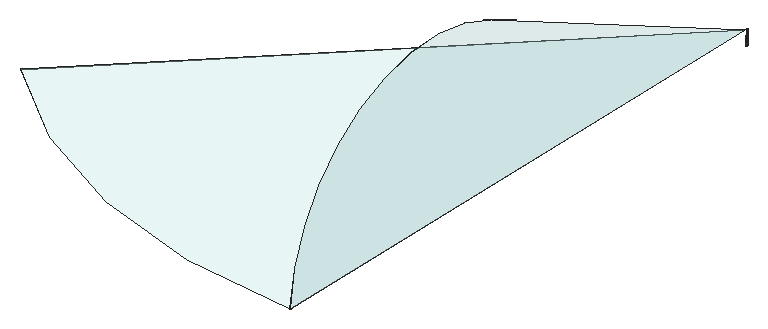
Revit family "Rotor 5000 Series - 5006+PCSAM", category Acessórios do tubo, Revit 2020
Family settings
  Cota do conector redondo = Utilizar diâmetro
  Tipo de parte = Normal
  Número OmniClass = 23.60.30.11.14
  Título OmniClass = Pipework Fittings
  Com base no plano de trabalho = Não
  Sempre na vertical = Sim
  Corte com vazios quando carregada = Não
  Compartilhado = Não
Parameters (values of type "Rain Curtain 6.0")
  Water = Water
  URL = "https://www.rainbird.com/"
  TABLE 65 = "TABLE 65psi"
  TABLE 55 75 = "TABLE 55 75psi"
  TABLE 55 = "TABLE 55psi"
  TABLE 45 = "TABLE 45psi"
  TABLE 35 = "TABLE 35psi"
  TABLE 25 = "TABLE 25psi"
  SupportProjetos: Reviw Date = ""  # constant formula
  SupportProjetos: Reviw = "R00"  # constant formula
  SupportProjetos: Level of Detail = "LOD 300"  # constant formula
  SupportProjetos: Developed = "MICHEL SOARES MOTA"  # constant formula
  SupportProjetos: Creation Date = "07/08/2020"  # constant formula
  Side inlet = no
  Rotation Water Visibility [instance] = Pop up on  # yes
  Rotation Angle [instance] = 45.00°
  RainBird: Product Link = "https://www.rainbird.com/"
  RainBird: Description = "5006+PC-SAM Rotor "  # constant formula
  RainBird: Comment [instance] = ""
  RainBird: Code = "Y45850"  # constant formula
  Radius [instance] = if(and(Pressure = 25.0 psi, Instance < 25 ft), size_lookup(TABLE 25, "Radius", 0 ft, Instance), if(and(Pressure = 35.0 psi, Instance < 25 ft), size_lookup(TABLE 35, "Radius", 0 ft, Instance), if(and(Pressure = 45.0 psi, Instance < 25 ft), size_lookup(TABLE 45, "Radius", 0 ft, Instance), if(and(Pressure = 55.0 psi, Instance < 13 ft), size_lookup(TABLE 55, "Radius", 0 ft, Instance), if(and(Pressure = 65.0 psi, Instance < 13 ft), size_lookup(TABLE 65, "Radius", 0 ft, Instance), if(and(Pressure > 55.0 psi, Instance > 13 ft), size_lookup(TABLE 55 75, "Radius", 0 ft, Instance), 0 ft))))))  # 50 ft
  RT = 0.009893 ft
  RN = 0.032808 ft
  R5 = 0.03937 ft
  R4 = 0.04101 ft
  R3 = 0.065617 ft
  R2 = 0.075407 ft
  R1 = 0.032808 ft
  Pressure [instance] = 55.0 psi
  Pop up height = 0.499 ft  # constant formula
  Pop up on [instance] = yes
  Modelo = "5006+PCSAM"  # constant formula
  Instance = 7 ft
  H1 = Body height / 3  # 0.268 ft
  Flow [instance] = if(and(Pressure = 25.0 psi, Instance < 25 ft), size_lookup(TABLE 25, "Flow", 0.0 GPM, Instance), if(and(Pressure = 35.0 psi, Instance < 25 ft), size_lookup(TABLE 35, "Flow", 0.0 GPM, Instance), if(and(Pressure = 45.0 psi, Instance < 25 ft), size_lookup(TABLE 45, "Flow", 0.0 GPM, Instance), if(and(Pressure = 55.0 psi, Instance < 13 ft), size_lookup(TABLE 55, "Flow", 0.0 GPM, Instance), if(and(Pressure = 65.0 psi, Instance < 13 ft), size_lookup(TABLE 65, "Flow", 0.0 GPM, Instance), if(and(Pressure > 55.0 psi, Instance > 13 ft), size_lookup(TABLE 55 75, "Flow", 0.0 GPM, Instance), 0.0 GPM))))))  # 6.63 GPM
  Fabricante = "Rain Bird"
  Elevação padrão = 0 ft
  Description = RainBird: Description  # "5006+PC-SAM Rotor "
  DD13 = 0.002625 ft
  DD12 = 0.003937 ft
  DD11 = 0.009897 ft
  DD10 = 0.016404 ft
  DD8 [instance] = if(Pop up on, Pop up height, 0 ft)  # 0.499 ft
  DD7 = 0.019685 ft
  DD6 [instance] = 0.016404 ft
  DD5 = 0.065617 ft
  DD4 = 0.032808 ft
  DD3 = 0.091048 ft
  DD2 [instance] = 0.024514 ft
  DD9 [instance] = if(Pop up on, Pop up height + 0.049541 ft, 0 ft)  # 0.548541 ft
  DD1 = 0.006562 ft
  Conection = 0.062664 ft  # constant formula
  Body height = 0.804 ft  # constant formula
  Blue = Blue Plastic
  Black Plastic = Black Plastic
  Angle = 25.00°
Types (25, lengths in ft): name | Rotation Angle | Radius | Pressure | Instance | Flow
  (no name) | 45.00° | 50 | 55.0 psi | 7 | 6.63 GPM
  Rain Curtain 1.5 | 180.00° | 33 | 25.0 psi | 1 | 1.12 GPM
  Rain Curtain 2.0 | 180.00° | 35 | 25.0 psi | 2 | 1.5 GPM
  Rain Curtain 3.0 | 180.00° | 36 | 25.0 psi | 4 | 2.26 GPM
  Rain Curtain 4.0 | 180.00° | 36 | 25.0 psi | 5 | 2.91 GPM
  Rain Curtain 5.0 | 180.00° | 37 | 25.0 psi | 6 | 3.72 GPM
  Rain Curtain 6.0 | 45.00° | 50 | 55.0 psi | 7 | 6.63 GPM
  Rain Curtain 8.0 | 180.00° | 33 | 25.0 psi | 8 | 5.9 GPM
  Rain Curtain 2.5 | 180.00° | 35 | 25.0 psi | 3 | 1.81 GPM
  1.0 LA | 180.00° | 25 | 25.0 psi | 9 | 0.76 GPM
  1.5 LA | 180.00° | 27 | 25.0 psi | 10 | 1.15 GPM
  2.0 LA | 180.00° | 29 | 25.0 psi | 11 | 1.47 GPM
  3.0 LA | 180.00° | 29 | 25.0 psi | 12 | 2.23 GPM
  PRS Rain Curtain 1.5 | 180.00° | 33 | 25.0 psi | 13 | 1.12 GPM
  PRS Rain Curtain 2.0 | 180.00° | 35 | 25.0 psi | 14 | 1.5 GPM
  PRS Rain Curtain 2.5 | 180.00° | 35 | 25.0 psi | 15 | 1.81 GPM
  PRS Rain Curtain 3.0 | 180.00° | 36 | 25.0 psi | 16 | 2.26 GPM
  PRS Rain Curtain 4.0 | 180.00° | 36 | 25.0 psi | 17 | 2.91 GPM
  PRS Rain Curtain 5.0 | 180.00° | 37 | 25.0 psi | 18 | 3.72 GPM
  PRS Rain Curtain 6.0 | 180.00° | 37 | 25.0 psi | 19 | 4.25 GPM
  PRS Rain Curtain 8.0 | 180.00° | 33 | 25.0 psi | 20 | 5.9 GPM
  PRS 1.0 LA | 180.00° | 25 | 25.0 psi | 21 | 0.76 GPM
  PRS 1.5 LA | 180.00° | 27 | 25.0 psi | 22 | 1.15 GPM
  PRS 2.0 LA | 180.00° | 29 | 25.0 psi | 23 | 1.47 GPM
  PRS 3.0 LA | 180.00° | 29 | 25.0 psi | 24 | 2.23 GPM
Reference planes (ft)
  plane 1 "Centro (Frente/Trás)": y = 0
  plane 2: z = 0
  plane 3 "Centro (Esquerda/Direita)": x = 0
  plane 4: z = 0.003937
  plane 5: z = 0.002625
  plane 6: y = -0.065617
Forms (ft)
  Revolve 1, solid, material "Black Plastic" <- "Black Plastic"
    sketch origin (0, 0, 0) x (1, 0, 0) y (0, 0, 1)
      loop
        line (0.075407, -0.091048) -> (0.075407, -0.035324)
        arc (0.075407, -0.035324) -> (0.072509, -0.028329) -> (0.065514, -0.025431) r 0.009893
        line (0.065514, -0.025431) -> (0.046098, -0.025431) -> (0.046098, 0) -> (0.03937, 0) -> (0.03937, -0.499) -> (0.019685, -0.499) -> (0.019685, -0.797438) -> (0.032808, -0.797438) -> (0.032808, -0.804) -> (0.04101, -0.804) -> (0.04101, -0.797438) -> (0.055724, -0.797438)
        arc (0.055724, -0.797438) -> (0.062719, -0.794541) -> (0.065617, -0.787545) r 0.009893
        line (0.065617, -0.787545) -> (0.065617, -0.091048) -> (0.075407, -0.091048)
      axis (0, -0.804) -> (0, 0)
    angle from 0 to 360
  Extrusion 2, solid, material "Black Plastic" <- "Black Plastic"
    sketch origin (0, 0, 0) x (1, 0, 0) y (0, 1, 0)
      loop
        circle (0, 0) r 0.032808
    from -0.499 to 0.499
  Extrusion 3, void
    sketch origin (0, 0, 0) x (1, 0, 0) y (0, 1, 0)
      loop
        circle (0, 0) r 0.022844
    from -0.499 to 0.499
  Revolve 4, solid, material "Black Plastic" <- "Black Plastic"
    sketch origin (0, 0, 0) x (1, 0, 0) y (0, 0, 1)
      loop
        line (0, 0.499) -> (0.037004, 0.499) -> (0.037004, 0.508897)
        arc (0.037004, 0.508897) -> (0.01879, 0.51379) -> (0, 0.515404) r 0.10685
        line (0, 0.515404) -> (0, 0.499)
      axis (0, 0.499) -> (0, 0.515404)
    angle from 0 to 360
  Extrusion 5, solid, material "Blue Plastic" <- "Blue"
    sketch origin (0, 0, 0) x (1, 0, 0) y (0, 0, 1)
      loop
        circle (0, 0.474486) r 0.009129
      loop
        circle (0, 0.474486) r 0.004793
    from 0 to 0.034386
  Extrusion 6, void
    sketch origin (0, 0, 0) x (1, 0, 0) y (0, 0, 1)
      loop
        line (-0.02074, 0.328055) -> (-0.02074, 0.282426) -> (0.020672, 0.282426) -> (0.020672, 0.328055) -> (-0.02074, 0.328055)
      loop
        line (-0.018439, 0.325179) -> (-0.018439, 0.285685) -> (0.018179, 0.285685) -> (0.018179, 0.325179) -> (-0.018439, 0.325179)
    from 0.024556 to 0.06931
  Extrusion 7, solid, material "Black Plastic" <- "Black Plastic"
    sketch origin (0, 0, 0) x (1, 0, 0) y (0, 0, 1)
      loop
        line (0.046098, 0) -> (0.046098, -0.036876) -> (0.073493, -0.036876) -> (0.046098, 0)
    from -0.002998 to 0.002998
  Extrusion 8, solid, material "Black Plastic" <- "Black Plastic"
    sketch origin (0, 0, 0) x (-1, 0, 0) y (0, 0, -1)
      loop
        line (0.046098, 0) -> (0.073493, 0.036876) -> (0.046098, 0.036876) -> (0.046098, 0)
    from -0.002998 to 0.002998
  Extrusion 9, solid, material "Black Plastic" <- "Black Plastic"
    sketch origin (0, 0, 0) x (0.866025, 0.5, 0) y (0, 0, 1)
      loop
        line (0.046098, 0) -> (0.046098, -0.036876) -> (0.073493, -0.036876) -> (0.046098, 0)
    from -0.002998 to 0.002998
  Extrusion 10, solid, material "Black Plastic" <- "Black Plastic"
    sketch origin (0, 0, 0) x (-0.866025, -0.5, 0) y (0, 0, -1)
      loop
        line (0.046098, 0) -> (0.073493, 0.036876) -> (0.046098, 0.036876) -> (0.046098, 0)
    from -0.002998 to 0.002998
  Extrusion 11, solid, material "Black Plastic" <- "Black Plastic"
    sketch origin (0, 0, 0) x (0, 1, 0) y (0, 0, 1)
      loop
        line (0.046098, 0) -> (0.046098, -0.036876) -> (0.073493, -0.036876) -> (0.046098, 0)
    from -0.002998 to 0.002998
  Extrusion 12, solid, material "Black Plastic" <- "Black Plastic"
    sketch origin (0, 0, 0) x (0, -1, 0) y (0, 0, -1)
      loop
        line (0.046098, 0) -> (0.073493, 0.036876) -> (0.046098, 0.036876) -> (0.046098, 0)
    from -0.002998 to 0.002998
  Extrusion 13, solid, material "Black Plastic" <- "Black Plastic"
    sketch origin (0, 0, 0) x (0.5, 0.866025, 0) y (0, 0, 1)
      loop
        line (0.046098, 0) -> (0.046098, -0.036876) -> (0.073493, -0.036876) -> (0.046098, 0)
    from -0.002998 to 0.002998
  Extrusion 14, solid, material "Black Plastic" <- "Black Plastic"
    sketch origin (0, 0, 0) x (-0.5, -0.866025, 0) y (0, 0, -1)
      loop
        line (0.046098, 0) -> (0.073493, 0.036876) -> (0.046098, 0.036876) -> (0.046098, 0)
    from -0.002998 to 0.002998
  Extrusion 15, solid, material "Black Plastic" <- "Black Plastic"
    sketch origin (0, 0, 0) x (-0.5, 0.866025, 0) y (0, 0, 1)
      loop
        line (0.046098, 0) -> (0.046098, -0.036876) -> (0.073493, -0.036876) -> (0.046098, 0)
    from -0.002998 to 0.002998
  Extrusion 16, solid, material "Black Plastic" <- "Black Plastic"
    sketch origin (0, 0, 0) x (0.5, -0.866025, 0) y (0, 0, -1)
      loop
        line (0.046098, 0) -> (0.073493, 0.036876) -> (0.046098, 0.036876) -> (0.046098, 0)
    from -0.002998 to 0.002998
  Extrusion 17, solid, material "Black Plastic" <- "Black Plastic"
    sketch origin (0, 0, 0) x (-0.866025, 0.5, 0) y (0, 0, 1)
      loop
        line (0.046098, 0) -> (0.046098, -0.036876) -> (0.073493, -0.036876) -> (0.046098, 0)
    from -0.002998 to 0.002998
  Extrusion 18, solid, material "Black Plastic" <- "Black Plastic"
    sketch origin (0, 0, 0) x (0.866025, -0.5, 0) y (0, 0, -1)
      loop
        line (0.046098, 0) -> (0.073493, 0.036876) -> (0.046098, 0.036876) -> (0.046098, 0)
    from -0.002998 to 0.002998
  Extrusion 19, void
    sketch origin (0, 0, 0) x (1, 0, 0) y (0, 1, 0)
      loop
        line (-0.002998, 0.077702) -> (-0.002998, 0.071655) -> (0.002998, 0.071655) -> (0.002998, 0.077702) -> (-0.002998, 0.077702)
    from -0.091048 to 0.82021
  Extrusion 20, void
    sketch origin (0, 0, 0) x (1, 0, 0) y (0, 1, 0)
      loop
        line (0.002998, -0.077702) -> (0.002998, -0.071655) -> (-0.002998, -0.071655) -> (-0.002998, -0.077702) -> (0.002998, -0.077702)
    from -0.091048 to 0.82021
  Extrusion 21, void
    sketch origin (0, 0, 0) x (0.965926, 0.258819, 0) y (-0.258819, 0.965926, 0)
      loop
        line (-0.002998, 0.077702) -> (-0.002998, 0.071655) -> (0.002998, 0.071655) -> (0.002998, 0.077702) -> (-0.002998, 0.077702)
    from -0.091048 to 0.82021
  Extrusion 22, void
    sketch origin (0, 0, 0) x (0.965926, 0.258819, 0) y (-0.258819, 0.965926, 0)
      loop
        line (0.002998, -0.077702) -> (0.002998, -0.071655) -> (-0.002998, -0.071655) -> (-0.002998, -0.077702) -> (0.002998, -0.077702)
    from -0.091048 to 0.82021
  Extrusion 23, void
    sketch origin (0, 0, 0) x (0.866025, 0.5, 0) y (-0.5, 0.866025, 0)
      loop
        line (-0.002998, 0.077702) -> (-0.002998, 0.071655) -> (0.002998, 0.071655) -> (0.002998, 0.077702) -> (-0.002998, 0.077702)
    from -0.091048 to 0.82021
  Extrusion 24, void
    sketch origin (0, 0, 0) x (0.866025, 0.5, 0) y (-0.5, 0.866025, 0)
      loop
        line (0.002998, -0.077702) -> (0.002998, -0.071655) -> (-0.002998, -0.071655) -> (-0.002998, -0.077702) -> (0.002998, -0.077702)
    from -0.091048 to 0.82021
  Extrusion 25, void
    sketch origin (0, 0, 0) x (0.5, 0.866025, 0) y (-0.866025, 0.5, 0)
      loop
        line (-0.002998, 0.077702) -> (-0.002998, 0.071655) -> (0.002998, 0.071655) -> (0.002998, 0.077702) -> (-0.002998, 0.077702)
    from -0.091048 to 0.82021
  Extrusion 26, void
    sketch origin (0, 0, 0) x (0.5, 0.866025, 0) y (-0.866025, 0.5, 0)
      loop
        line (0.002998, -0.077702) -> (0.002998, -0.071655) -> (-0.002998, -0.071655) -> (-0.002998, -0.077702) -> (0.002998, -0.077702)
    from -0.091048 to 0.82021
  Extrusion 27, void
    sketch origin (0, 0, 0) x (0.707107, 0.707107, 0) y (-0.707107, 0.707107, 0)
      loop
        line (-0.002998, 0.077702) -> (-0.002998, 0.071655) -> (0.002998, 0.071655) -> (0.002998, 0.077702) -> (-0.002998, 0.077702)
    from -0.091048 to 0.82021
  Extrusion 28, void
    sketch origin (0, 0, 0) x (0.707107, 0.707107, 0) y (-0.707107, 0.707107, 0)
      loop
        line (0.002998, -0.077702) -> (0.002998, -0.071655) -> (-0.002998, -0.071655) -> (-0.002998, -0.077702) -> (0.002998, -0.077702)
    from -0.091048 to 0.82021
  Extrusion 29, void
    sketch origin (0, 0, 0) x (0.258819, 0.965926, 0) y (-0.965926, 0.258819, 0)
      loop
        line (-0.002998, 0.077702) -> (-0.002998, 0.071655) -> (0.002998, 0.071655) -> (0.002998, 0.077702) -> (-0.002998, 0.077702)
    from -0.091048 to 0.82021
  Extrusion 30, void
    sketch origin (0, 0, 0) x (0.258819, 0.965926, 0) y (-0.965926, 0.258819, 0)
      loop
        line (0.002998, -0.077702) -> (0.002998, -0.071655) -> (-0.002998, -0.071655) -> (-0.002998, -0.077702) -> (0.002998, -0.077702)
    from -0.091048 to 0.82021
  Extrusion 31, void
    sketch origin (0, 0, 0) x (0, 1, 0) y (-1, 0, 0)
      loop
        line (-0.002998, 0.077702) -> (-0.002998, 0.071655) -> (0.002998, 0.071655) -> (0.002998, 0.077702) -> (-0.002998, 0.077702)
    from -0.091048 to 0.82021
  Extrusion 32, void
    sketch origin (0, 0, 0) x (0, 1, 0) y (-1, 0, 0)
      loop
        line (0.002998, -0.077702) -> (0.002998, -0.071655) -> (-0.002998, -0.071655) -> (-0.002998, -0.077702) -> (0.002998, -0.077702)
    from -0.091048 to 0.82021
  Extrusion 33, void
    sketch origin (0, 0, 0) x (-0.258819, 0.965926, 0) y (-0.965926, -0.258819, 0)
      loop
        line (-0.002998, 0.077702) -> (-0.002998, 0.071655) -> (0.002998, 0.071655) -> (0.002998, 0.077702) -> (-0.002998, 0.077702)
    from -0.091048 to 0.82021
  Extrusion 34, void
    sketch origin (0, 0, 0) x (-0.258819, 0.965926, 0) y (-0.965926, -0.258819, 0)
      loop
        line (0.002998, -0.077702) -> (0.002998, -0.071655) -> (-0.002998, -0.071655) -> (-0.002998, -0.077702) -> (0.002998, -0.077702)
    from -0.091048 to 0.82021
  Extrusion 35, void
    sketch origin (0, 0, 0) x (-0.5, 0.866025, 0) y (-0.866025, -0.5, 0)
      loop
        line (-0.002998, 0.077702) -> (-0.002998, 0.071655) -> (0.002998, 0.071655) -> (0.002998, 0.077702) -> (-0.002998, 0.077702)
    from -0.091048 to 0.82021
  Extrusion 36, void
    sketch origin (0, 0, 0) x (-0.5, 0.866025, 0) y (-0.866025, -0.5, 0)
      loop
        line (0.002998, -0.077702) -> (0.002998, -0.071655) -> (-0.002998, -0.071655) -> (-0.002998, -0.077702) -> (0.002998, -0.077702)
    from -0.091048 to 0.82021
  Extrusion 37, void
    sketch origin (0, 0, 0) x (-0.707107, 0.707107, 0) y (-0.707107, -0.707107, 0)
      loop
        line (-0.002998, 0.077702) -> (-0.002998, 0.071655) -> (0.002998, 0.071655) -> (0.002998, 0.077702) -> (-0.002998, 0.077702)
    from -0.091048 to 0.82021
  Extrusion 38, void
    sketch origin (0, 0, 0) x (-0.707107, 0.707107, 0) y (-0.707107, -0.707107, 0)
      loop
        line (0.002998, -0.077702) -> (0.002998, -0.071655) -> (-0.002998, -0.071655) -> (-0.002998, -0.077702) -> (0.002998, -0.077702)
    from -0.091048 to 0.82021
  Extrusion 39, void
    sketch origin (0, 0, 0) x (-0.866025, 0.5, 0) y (-0.5, -0.866025, 0)
      loop
        line (-0.002998, 0.077702) -> (-0.002998, 0.071655) -> (0.002998, 0.071655) -> (0.002998, 0.077702) -> (-0.002998, 0.077702)
    from -0.091048 to 0.82021
  Extrusion 40, void
    sketch origin (0, 0, 0) x (-0.866025, 0.5, 0) y (-0.5, -0.866025, 0)
      loop
        line (0.002998, -0.077702) -> (0.002998, -0.071655) -> (-0.002998, -0.071655) -> (-0.002998, -0.077702) -> (0.002998, -0.077702)
    from -0.091048 to 0.82021
  Extrusion 41, void
    sketch origin (0, 0, 0) x (-0.965926, 0.258819, 0) y (-0.258819, -0.965926, 0)
      loop
        line (-0.002998, 0.077702) -> (-0.002998, 0.071655) -> (0.002998, 0.071655) -> (0.002998, 0.077702) -> (-0.002998, 0.077702)
    from -0.091048 to 0.82021
  Extrusion 42, void
    sketch origin (0, 0, 0) x (-0.965926, 0.258819, 0) y (-0.258819, -0.965926, 0)
      loop
        line (0.002998, -0.077702) -> (0.002998, -0.071655) -> (-0.002998, -0.071655) -> (-0.002998, -0.077702) -> (0.002998, -0.077702)
    from -0.091048 to 0.82021
  Extrusion 43, solid, material "Water" <- "Water", visible <- "Rotation Water Visibility"
    sketch origin (0, 0, 0) x (0, 1, 0) y (0, 0, 1)
      loop
        line (-0.032808, 0.474486) -> (-27.969074, 13.50138)
        arc (-27.969074, 13.50138) -> (-42.432078, 12.799272) -> (-50.032808, 0.474486) r 15.534311
        line (-50.032808, 0.474486) -> (-0.032808, 0.474486)
    from -0.008202 to 0.008202
Cuts and joins
  Extrusion 3, Extrusion 6 cuts Extrusion 2
  Extrusion 19, Extrusion 20, Extrusion 21, Extrusion 22, Extrusion 23, Extrusion 24, Extrusion 25, Extrusion 26, Extrusion 27, Extrusion 28, Extrusion 29, Extrusion 30, Extrusion 31, Extrusion 32, Extrusion 33, Extrusion 34, Extrusion 35, Extrusion 36, Extrusion 37, Extrusion 38, Extrusion 39, Extrusion 40, Extrusion 41, Extrusion 42 cuts Revolve 1
Dimensions and locks (ft)
  "Body height": level to Revolve 1 sketch curve
  "R2": Revolve 1 sketch curve to plane 3 "Centro (Esquerda/Direita)"
  "DD1": Revolve 1 sketch curve to Revolve 1 sketch curve
  "DD3": level to Revolve 1 sketch curve
  Revolve 1 sketch curve to plane 3 "Centro (Esquerda/Direita)" = 0.065617 ft
  "R4": Revolve 1 sketch curve to plane 3 "Centro (Esquerda/Direita)"
  "RN": Revolve 1 sketch curve to plane 3 "Centro (Esquerda/Direita)"
  "Pop up height": level to Revolve 1 sketch curve
  "R5": plane 3 "Centro (Esquerda/Direita)" to Revolve 1 sketch curve
  "DD7": Revolve 1 sketch curve to plane 3 "Centro (Esquerda/Direita)"
  "DD8": Extrusion 2 to level
  "DD12": plane 4 to level
  "DD13": plane 5 to level
  "R3": plane 6 to plane 1 "Centro (Frente/Trás)"
  "DD5": Revolve 1 sketch curve to Revolve 1 sketch curve
  "DD10": Revolve 4 sketch curve to Revolve 4 sketch curve
  "DD11": Revolve 4 sketch curve to Revolve 4 sketch curve
  "DD2": Revolve 4 to Extrusion 5 sketch curve  (x2)
  Extrusion 7 to plane 3 "Centro (Esquerda/Direita)" = 0.046098 ft
  equal spacing: Extrusion 7, plane 1 "Centro (Frente/Trás)", Extrusion 7
  Extrusion 8 to Extrusion 8 = 0.005995 ft
  Extrusion 9 to Extrusion 9 = 0.005995 ft
  Extrusion 20 sketch curve to Extrusion 20 sketch curve = 0.005995 ft
  Extrusion 22 sketch curve to Extrusion 22 sketch curve = 0.005995 ft
  Extrusion 24 sketch curve to Extrusion 24 sketch curve = 0.005995 ft
  Extrusion 26 sketch curve to Extrusion 26 sketch curve = 0.005995 ft
  Extrusion 28 sketch curve to Extrusion 28 sketch curve = 0.005995 ft
  Extrusion 30 sketch curve to Extrusion 30 sketch curve = 0.005995 ft
  Extrusion 32 sketch curve to Extrusion 32 sketch curve = 0.005995 ft
  Extrusion 34 sketch curve to Extrusion 34 sketch curve = 0.005995 ft
  Extrusion 36 sketch curve to Extrusion 36 sketch curve = 0.005995 ft
  Extrusion 38 sketch curve to Extrusion 38 sketch curve = 0.005995 ft
  Extrusion 40 sketch curve to Extrusion 40 sketch curve = 0.005995 ft
  Extrusion 42 sketch curve to Extrusion 42 sketch curve = 0.005995 ft
  "DD4": plane 1 "Centro (Frente/Trás)" to Extrusion 43 sketch curve
  "DD2": Revolve 4 to Extrusion 43 sketch curve
  "Radius": Extrusion 43 sketch curve to Extrusion 43 sketch curve
  equal spacing: Extrusion 43, plane 3 "Centro (Esquerda/Direita)", Extrusion 43
  "DD6": Extrusion 43 to Extrusion 43
  "DD2": Revolve 4 to nested 1
  "RT": radius of Revolve 1 sketch curve  (x2)
  "R1": radius of Extrusion 2 sketch curve
  "Angle": angle Extrusion 43 sketch curve to Extrusion 43 sketch curve
  aligned and locked: level to plane 2
  aligned and locked: Revolve 1 sketch curve to Revolve 1 sketch curve
  aligned and locked: Extrusion 2 to Revolve 1
  aligned and locked: cut or joined group of Extrusion 2, Extrusion 3, Extrusion 6 to cut or joined group of Extrusion 2, Extrusion 3, Extrusion 6  (x2)
  aligned and locked: Revolve 4 sketch curve to cut or joined group of Extrusion 2, Extrusion 3, Extrusion 6
  aligned and locked: Extrusion 20 to Revolve 1
  aligned and locked: Extrusion 22 to Revolve 1
  aligned and locked: Extrusion 24 to Revolve 1
  aligned and locked: Extrusion 28 to Revolve 1
  aligned and locked: Extrusion 26 to Revolve 1
  aligned and locked: Extrusion 30 to Revolve 1
  aligned and locked: Extrusion 32 to Revolve 1
  aligned and locked: Extrusion 34 to Revolve 1
  aligned and locked: Revolve 1 to Extrusion 36
  aligned and locked: Revolve 1 to Extrusion 38
  aligned and locked: Extrusion 41 to Revolve 1
  aligned and locked: Extrusion 39 to Revolve 1
  aligned and locked: Extrusion 37 to Revolve 1
  aligned and locked: Extrusion 35 to Revolve 1
  aligned and locked: Extrusion 33 to Revolve 1
  aligned and locked: Extrusion 31 to Revolve 1
  aligned and locked: Extrusion 29 to Revolve 1
  aligned and locked: Revolve 1 to Extrusion 25
  aligned and locked: Revolve 1 to Extrusion 27
  aligned and locked: Revolve 1 to Extrusion 19
  aligned and locked: Revolve 1 to Extrusion 21
  aligned and locked: Revolve 1 to Extrusion 42
  aligned and locked: Revolve 1 to Extrusion 40
  aligned and locked: Revolve 1 to Extrusion 23
Automatic sketch dimensions
  plane 1 "Centro (Frente/Trás)" to Extrusion 2 sketch curve = 0 ft
  Extrusion 2 sketch curve to plane 3 "Centro (Esquerda/Direita)" = 0 ft
  plane 1 "Centro (Frente/Trás)" to Extrusion 3 sketch curve = 0 ft
  Extrusion 3 sketch curve to plane 3 "Centro (Esquerda/Direita)" = 0 ft
  Revolve 4 sketch curve to plane 3 "Centro (Esquerda/Direita)" = 0 ft  (x2)
  plane 3 "Centro (Esquerda/Direita)" to Revolve 4 sketch curve = 0.000284 ft
  plane 3 "Centro (Esquerda/Direita)" to Revolve 4 sketch curve = 0.037004 ft
  Revolve 4 sketch curve to Revolve 4 sketch curve = 0.015719 ft
  Revolve 4 sketch curve to Revolve 4 sketch curve = 0.114829 ft
  Extrusion 5 sketch curve to Extrusion 5 sketch curve = 0 ft
  Extrusion 5 sketch curve to plane 3 "Centro (Esquerda/Direita)" = 0 ft
  Extrusion 6 sketch curve to plane 3 "Centro (Esquerda/Direita)" = 0.02074 ft
  Extrusion 6 sketch curve to Extrusion 6 sketch curve = 0.002301 ft
  plane 3 "Centro (Esquerda/Direita)" to Extrusion 6 sketch curve = 0.018179 ft
  Extrusion 6 sketch curve to Extrusion 6 sketch curve = 0.002492 ft
  plane 4 to Extrusion 6 sketch curve = 0.278489 ft
  Extrusion 6 sketch curve to Extrusion 6 sketch curve = 0.003259 ft
  Extrusion 6 sketch curve to Extrusion 6 sketch curve = 0.039494 ft
  Extrusion 6 sketch curve to Extrusion 6 sketch curve = 0.002876 ft
  Extrusion 7 sketch curve to level = 0 ft
  plane 3 "Centro (Esquerda/Direita)" to Extrusion 7 sketch curve = 0.046098 ft
  Extrusion 7 sketch curve to Extrusion 7 sketch curve = 0.027396 ft
  Extrusion 7 sketch curve to Extrusion 7 sketch curve = 0.036876 ft
  Extrusion 8 sketch curve to level = 0 ft
  plane 3 "Centro (Esquerda/Direita)" to Extrusion 8 sketch curve = 0.046098 ft
  Extrusion 8 sketch curve to Extrusion 8 sketch curve = 0.027396 ft
  Extrusion 8 sketch curve to Extrusion 8 sketch curve = 0.036876 ft
  Extrusion 9 sketch curve to level = 0 ft
  Extrusion 9 sketch curve to level = 0.036876 ft
  Extrusion 9 sketch curve to Extrusion 9 sketch curve = 0.027396 ft
  Extrusion 10 sketch curve to level = 0 ft
  Extrusion 10 sketch curve to level = 0.036876 ft
  Extrusion 10 sketch curve to Extrusion 10 sketch curve = 0.027396 ft
  Extrusion 11 sketch curve to level = 0 ft
  Extrusion 11 sketch curve to plane 1 "Centro (Frente/Trás)" = 0.046098 ft
  Extrusion 11 sketch curve to Extrusion 11 sketch curve = 0.027396 ft
  Extrusion 11 sketch curve to Extrusion 11 sketch curve = 0.036876 ft
  Extrusion 12 sketch curve to level = 0 ft
  plane 6 to Extrusion 12 sketch curve = 0.019519 ft
  Extrusion 12 sketch curve to plane 6 = 0.007877 ft
  Extrusion 12 sketch curve to level = 0.036876 ft
  Extrusion 13 sketch curve to level = 0 ft
  Extrusion 13 sketch curve to level = 0.036876 ft
  Extrusion 13 sketch curve to Extrusion 13 sketch curve = 0.027396 ft
  Extrusion 14 sketch curve to level = 0 ft
  Extrusion 14 sketch curve to level = 0.036876 ft
  Extrusion 14 sketch curve to Extrusion 14 sketch curve = 0.027396 ft
  level to Extrusion 15 sketch curve = 0 ft
  Extrusion 15 sketch curve to level = 0.036876 ft
  Extrusion 15 sketch curve to Extrusion 15 sketch curve = 0.027396 ft
  level to Extrusion 16 sketch curve = 0 ft
  Extrusion 16 sketch curve to level = 0.036876 ft
  Extrusion 16 sketch curve to Extrusion 16 sketch curve = 0.027396 ft
  level to Extrusion 17 sketch curve = 0 ft
  Extrusion 17 sketch curve to level = 0.036876 ft
  Extrusion 17 sketch curve to Extrusion 17 sketch curve = 0.027396 ft
  level to Extrusion 18 sketch curve = 0 ft
  Extrusion 18 sketch curve to level = 0.036876 ft
  Extrusion 18 sketch curve to Extrusion 18 sketch curve = 0.027396 ft
  Extrusion 19 sketch curve to plane 3 "Centro (Esquerda/Direita)" = 0.002998 ft
  Extrusion 19 sketch curve to plane 1 "Centro (Frente/Trás)" = 0.071655 ft
  Extrusion 19 sketch curve to Extrusion 19 sketch curve = 0.006047 ft
  plane 3 "Centro (Esquerda/Direita)" to Extrusion 20 sketch curve = 0.002998 ft
  plane 6 to Extrusion 20 sketch curve = 0.006038 ft
  Extrusion 20 sketch curve to Extrusion 20 sketch curve = 0.006047 ft
  plane 3 "Centro (Esquerda/Direita)" to Extrusion 19 sketch curve = 0.002998 ft
  Extrusion 21 sketch curve to plane 3 "Centro (Esquerda/Direita)" = 0.021441 ft
  Extrusion 21 sketch curve to plane 1 "Centro (Frente/Trás)" = 0.068438 ft
  Extrusion 21 sketch curve to Extrusion 21 sketch curve = 0.005995 ft
  Extrusion 21 sketch curve to Extrusion 21 sketch curve = 0.006047 ft
  Extrusion 22 sketch curve to plane 6 = 0.010213 ft
  plane 3 "Centro (Esquerda/Direita)" to Extrusion 22 sketch curve = 0.017215 ft
  Extrusion 22 sketch curve to Extrusion 22 sketch curve = 0.006047 ft
  Extrusion 23 sketch curve to plane 3 "Centro (Esquerda/Direita)" = 0.038424 ft
  Extrusion 23 sketch curve to plane 1 "Centro (Frente/Trás)" = 0.060556 ft
  Extrusion 23 sketch curve to Extrusion 23 sketch curve = 0.005995 ft
  Extrusion 23 sketch curve to Extrusion 23 sketch curve = 0.006047 ft
  Extrusion 24 sketch curve to plane 6 = 0.003174 ft
  plane 3 "Centro (Esquerda/Direita)" to Extrusion 24 sketch curve = 0.036255 ft
  Extrusion 24 sketch curve to Extrusion 24 sketch curve = 0.006047 ft
  Extrusion 25 sketch curve to plane 1 "Centro (Frente/Trás)" = 0.033231 ft
  Extrusion 25 sketch curve to plane 3 "Centro (Esquerda/Direita)" = 0.063554 ft
  Extrusion 25 sketch curve to Extrusion 25 sketch curve = 0.005995 ft
  Extrusion 25 sketch curve to Extrusion 25 sketch curve = 0.006047 ft
  Extrusion 26 sketch curve to plane 6 = 0.02417 ft
  Extrusion 26 sketch curve to plane 3 "Centro (Esquerda/Direita)" = 0.065793 ft
  Extrusion 26 sketch curve to Extrusion 26 sketch curve = 0.006047 ft
  Extrusion 27 sketch curve to plane 1 "Centro (Frente/Trás)" = 0.048548 ft
  Extrusion 27 sketch curve to plane 3 "Centro (Esquerda/Direita)" = 0.052787 ft
  Extrusion 27 sketch curve to Extrusion 27 sketch curve = 0.005995 ft
  Extrusion 27 sketch curve to Extrusion 27 sketch curve = 0.006047 ft
  plane 6 to Extrusion 28 sketch curve = 0.008554 ft
  plane 3 "Centro (Esquerda/Direita)" to Extrusion 28 sketch curve = 0.052824 ft
  Extrusion 28 sketch curve to Extrusion 28 sketch curve = 0.006047 ft
  Extrusion 29 sketch curve to plane 1 "Centro (Frente/Trás)" = 0.01565 ft
  Extrusion 29 sketch curve to plane 3 "Centro (Esquerda/Direita)" = 0.069989 ft
  Extrusion 29 sketch curve to Extrusion 29 sketch curve = 0.005995 ft
  Extrusion 29 sketch curve to Extrusion 29 sketch curve = 0.006047 ft
  plane 1 "Centro (Frente/Trás)" to Extrusion 30 sketch curve = 0.023006 ft
  plane 3 "Centro (Esquerda/Direita)" to Extrusion 30 sketch curve = 0.074278 ft
  Extrusion 30 sketch curve to Extrusion 30 sketch curve = 0.006047 ft
  plane 1 "Centro (Frente/Trás)" to Extrusion 31 sketch curve = 0.002998 ft
  Extrusion 31 sketch curve to plane 1 "Centro (Frente/Trás)" = 0.002998 ft
  Extrusion 31 sketch curve to plane 3 "Centro (Esquerda/Direita)" = 0.071655 ft
  Extrusion 31 sketch curve to Extrusion 31 sketch curve = 0.006047 ft
  plane 1 "Centro (Frente/Trás)" to Extrusion 32 sketch curve = 0.002998 ft
  plane 3 "Centro (Esquerda/Direita)" to Extrusion 32 sketch curve = 0.077702 ft
  Extrusion 32 sketch curve to Extrusion 32 sketch curve = 0.006047 ft
  plane 1 "Centro (Frente/Trás)" to Extrusion 33 sketch curve = 0.021441 ft
  Extrusion 33 sketch curve to plane 3 "Centro (Esquerda/Direita)" = 0.068438 ft
  Extrusion 33 sketch curve to Extrusion 33 sketch curve = 0.005995 ft
  Extrusion 33 sketch curve to Extrusion 33 sketch curve = 0.006047 ft
  Extrusion 34 sketch curve to plane 1 "Centro (Frente/Trás)" = 0.017215 ft
  plane 3 "Centro (Esquerda/Direita)" to Extrusion 34 sketch curve = 0.07583 ft
  Extrusion 34 sketch curve to Extrusion 34 sketch curve = 0.006047 ft
  plane 6 to Extrusion 35 sketch curve = 0.027193 ft
  Extrusion 35 sketch curve to plane 3 "Centro (Esquerda/Direita)" = 0.060556 ft
  Extrusion 35 sketch curve to Extrusion 35 sketch curve = 0.005995 ft
  Extrusion 35 sketch curve to Extrusion 35 sketch curve = 0.006047 ft
  Extrusion 36 sketch curve to plane 1 "Centro (Frente/Trás)" = 0.036255 ft
  plane 3 "Centro (Esquerda/Direita)" to Extrusion 36 sketch curve = 0.068791 ft
  Extrusion 36 sketch curve to Extrusion 36 sketch curve = 0.006047 ft
  plane 6 to Extrusion 37 sketch curve = 0.012829 ft
  Extrusion 37 sketch curve to plane 3 "Centro (Esquerda/Direita)" = 0.048548 ft
  Extrusion 37 sketch curve to Extrusion 37 sketch curve = 0.005995 ft
  Extrusion 37 sketch curve to Extrusion 37 sketch curve = 0.006047 ft
  Extrusion 38 sketch curve to plane 1 "Centro (Frente/Trás)" = 0.052824 ft
  plane 3 "Centro (Esquerda/Direita)" to Extrusion 38 sketch curve = 0.057063 ft
  Extrusion 38 sketch curve to Extrusion 38 sketch curve = 0.006047 ft
  plane 6 to Extrusion 39 sketch curve = 0.002063 ft
  Extrusion 39 sketch curve to plane 3 "Centro (Esquerda/Direita)" = 0.033231 ft
  Extrusion 39 sketch curve to Extrusion 39 sketch curve = 0.005995 ft
  Extrusion 39 sketch curve to Extrusion 39 sketch curve = 0.006047 ft
  plane 3 "Centro (Esquerda/Direita)" to Extrusion 40 sketch curve = 0.041447 ft
  Extrusion 40 sketch curve to plane 1 "Centro (Frente/Trás)" = 0.065793 ft
  Extrusion 40 sketch curve to Extrusion 40 sketch curve = 0.006047 ft
  Extrusion 41 sketch curve to plane 6 = 0.004372 ft
  Extrusion 41 sketch curve to plane 3 "Centro (Esquerda/Direita)" = 0.01565 ft
  Extrusion 41 sketch curve to Extrusion 41 sketch curve = 0.005995 ft
  Extrusion 41 sketch curve to Extrusion 41 sketch curve = 0.006047 ft
  plane 3 "Centro (Esquerda/Direita)" to Extrusion 42 sketch curve = 0.023006 ft
  Extrusion 42 sketch curve to plane 1 "Centro (Frente/Trás)" = 0.074278 ft
  Extrusion 42 sketch curve to Extrusion 42 sketch curve = 0.006047 ft
  Revolve 1 sketch curve to plane 3 "Centro (Esquerda/Direita)" = 0 ft
  Revolve 1 sketch curve to level = 0 ft
  Revolve 1 sketch curve to Revolve 1 sketch curve = 0.019416 ft
  plane 4 to Revolve 1 sketch curve = 0.079347 ft
  Revolve 1 sketch curve to Revolve 1 sketch curve = 0.918635 ft
  Extrusion 43 sketch curve to level = 0.577487 ft
  radius of Extrusion 3 sketch curve = 0.022844 ft
  radius of Extrusion 5 sketch curve = 0.009129 ft
  radius of Extrusion 5 sketch curve = 0.004793 ft
Nested families (ft)
  nested 1: "Water" at (0.00015, 0, 0.355228) x (0, -1, 0) z (0, 0, 1), DT9 <- "DD4", Radius <- "Radius", visible <- "Rotation Water Visibility", Rotation Angle <- "Rotation Angle", type "Water"
    with Rotation Angle 45.00°, Radius 50 ft, DT9 0.032808 ft, DT8 0 ft, DT7 200 ft, DT4 250 ft, Angle 2 315.00°
Connectors (ft)
  piping at (0, 0, -0.804), diameter 2
    settings: on cut or joined group of Revolve 1, Extrusion 19, Extrusion 20, Extrusion 21, Extrusion 22, Extrusion 23, Extrusion 24, Extrusion 25, Extrusion 26, Extrusion 27, Extrusion 28, Extrusion 29, Extrusion 30, Extrusion 31, Extrusion 32, Extrusion 33, Extrusion 34, Extrusion 35, Extrusion 36, Extrusion 37, Extrusion 38, Extrusion 39, Extrusion 40, Extrusion 41, Extrusion 42, index 1, connector inside diameter 609.6 mm, connector length 0 ft, flow factor 0, pipe flow 0.0 GPM, pressure drop 0.0 psi, fitting loss kfactor 0, connector angle 0.00°, fixture units 0, engagement length 0 ft, angle of deflection 0.00°, flow configuration 0, flow direction 0, fitting loss method 0, system type 28, joint type 0, gender type 0, connector reference index -1, connector utility 0, adjustable connector no, is connector primary yes, connector description ""
Definition of nested family "Water"
  Parameters (values of type "Water")
    Water Visibility (Circle) = yes
    Water = none
    URL = ""
    SupportProjetos: Reviw Date = ""  # constant formula
    SupportProjetos: Level of Detail = "LOD 300"  # constant formula
    SupportProjetos: Developed = "MICHEL SOARES MOTA"  # constant formula
    SupportProjetos: Creation Date = "16/07/2020"  # constant formula
    Rotation Angle [instance] = 90.00°
    Reviw = "R00"  # constant formula
    Radius [instance] = 14 ft
    Model = ""
    Default Elevation = 4 ft
    Description = ""
    DT9 [instance] = 0.032808 ft
    DT8 [instance] = if(Rotation Angle = 360.00°, 10 ft, 0 ft)  # 0 ft
    DT7 [instance] = 4 * Radius  # 56 ft
    DT4 [instance] = 5 * Radius  # 70 ft
    DT2 = 0.098425 ft  # constant formula
    DT6 = 0 ft
    Angle 2 [instance] = if(Rotation Angle = 360.00°, 180.00°, 360.00° - Rotation Angle)  # 270.00°
  Reference planes (ft)
    plane 1 "Centro (Frente/Trás)": y = 0
    plane 2: z = 0
    plane 3 "Centro (Esquerda/Direita)": x = 0
  Forms (ft)
    Revolve 1, solid, material <- "Water", visible <- "Water Visibility (Circle)"
      sketch origin (0, 0, 0) x (1, 0, 0) y (0, 0, 1)
        loop
          line (0.032808, 0.098425) -> (14.032808, 0.098425) -> (14.032808, 0.119259) -> (0.032808, 0.119259) -> (0.032808, 0.098425)
        axis (0, 0.098425) -> (0, 0.119259)
      angle from 0 to 360
    Extrusion 2, void
      sketch origin (0, 0, 0) x (1, 0, 0) y (0, 1, 0)
        loop
          line (0, 0) -> (70, 0) -> (70, 56)
          arc (70, 56) -> (-70.459018, 51.588344) -> (0, -70) r 81.847109
          line (0, -70) -> (0, 0)
      from 0 to 15.189231
  Cuts and joins
    Extrusion 2 cuts Revolve 1
  Dimensions and locks (ft)
    "DT2": Revolve 1 sketch curve to level
    "DT4": Extrusion 2 sketch curve to Extrusion 2 sketch curve  (x2)
    "DT6": Extrusion 2 sketch curve to plane 3 "Centro (Esquerda/Direita)"
    "DT7": Extrusion 2 sketch curve to Extrusion 2 sketch curve
    "DT8": cut or joined group of Revolve 1, Extrusion 2 to level
    "Radius": Revolve 1 sketch curve to Revolve 1 sketch curve
    "DT9": Revolve 1 sketch curve to plane 3 "Centro (Esquerda/Direita)"
    "Angle 2": angle Extrusion 2 sketch curve to Extrusion 2 sketch curve
    aligned and locked: level to plane 2
    aligned and locked: plane 1 "Centro (Frente/Trás)" to Extrusion 2 sketch curve
  Automatic sketch dimensions
    plane 3 "Centro (Esquerda/Direita)" to Extrusion 2 sketch curve = 1.088227 ft
    Revolve 1 sketch curve to plane 3 "Centro (Esquerda/Direita)" = 0 ft
    Revolve 1 sketch curve to Revolve 1 sketch curve = 0.020833 ft
    Revolve 1 sketch curve to Revolve 1 sketch curve = 0.032113 ft
    Revolve 1 sketch curve to Revolve 1 sketch curve = 10.2693 ft
